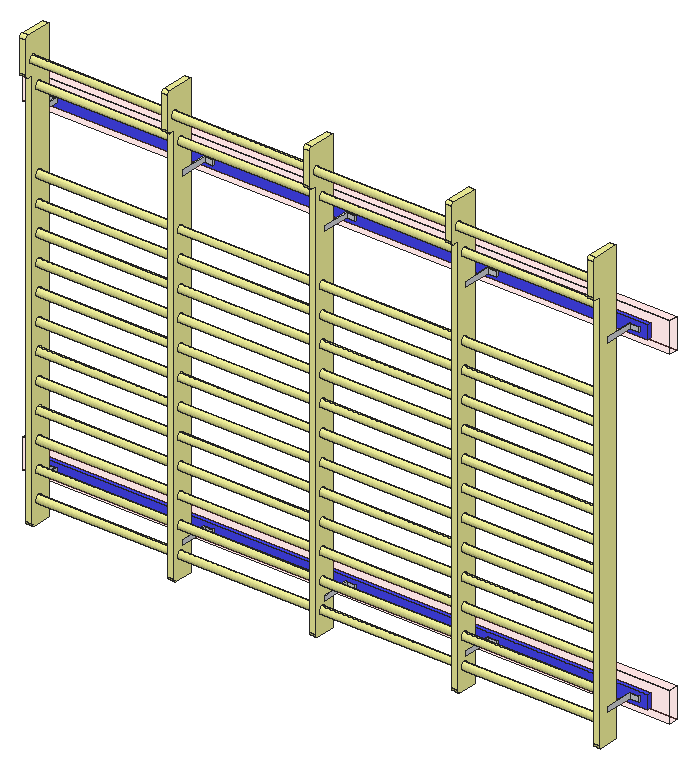
Revit family "Ribbstol Ling sammansatt", category Generic Models, Revit 2019
Family settings
  Can host rebar = No
  Round Connector Dimension = Use Diameter
  Part Type = Normal
  Work Plane-Based = No
  Always vertical = Yes
  Cut with Voids When Loaded = No
  Shared = No
  Room Calculation Point = No
Parameters (values of type "Saxi Ribbstol Ling 4-fack")
  langd_list = 93 mm + 782 mm * ANTAL_FACK  # 3221 mm
  langd_barande = 193 mm + 782 mm * ANTAL_FACK + 100 mm  # 3421 mm
  URL = "www.saxi.se"
  SYNLIG = yes
  Model = "Ribbstol Ling 5-fack"
  Manufacturer = "Saxi Vägg AB"
  ANTAL_FACK = 4
  1facksynlung = no
Types (11, lengths in mm): name | langd_list | langd_barande | SYNLIG | Model | ANTAL_FACK | 1facksynlung
  (no name) | 3221 | 3421 | yes | "Ribbstol Ling 5-fack" | 4 | no
  Saxi Ribbstol Ling 1-fack | 1657 | 1857 | no | "Ribbstol Ling 1-fack" | 2 | yes
  Saxi Ribbstol Ling 2-fack | 1657 | 1857 | yes | "Ribbstol Ling 2-fack" | 2 | no
  Saxi Ribbstol Ling 3-fack | 2439 | 2639 | yes | "Ribbstol Ling 3-fack" | 3 | no
  Saxi Ribbstol Ling 4-fack | 3221 | 3421 | yes | "Ribbstol Ling 5-fack" | 4 | no
  Saxi Ribbstol Ling 5-fack | 4003 | 4203 | yes | "Ribbstol Ling 5-fack" | 5 | no
  Saxi Ribbstol Ling 6-fack | 4785 | 4985 | yes | "Ribbstol Ling 6-fack" | 6 | no
  Saxi Ribbstol Ling 7-fack | 5567 | 5767 | yes | "Ribbstol Ling 7-fack" | 7 | no
  Saxi Ribbstol Ling 8-fack | 6349 | 6549 | yes | "Ribbstol Ling 8-fack" | 8 | no
  Saxi Ribbstol Ling 9-fack | 7131 | 7331 | yes | "Ribbstol Ling 9-fack" | 9 | no
  Saxi Ribbstol Ling 10-fack | 7913 | 8113 | yes | "Ribbstol Ling 10-fack" | 10 | no
Reference planes
  plane 1 "Center (Front/Back)": y = 0
  plane 2: z = 0
  plane 3 "Center (Left/Right)": x = 0
Dimensions and locks
  nested 1 to level = 180 mm
  equal spacing: group 1, group 2, group 3, group 4, group 5, group 6, group 7, group 8, group 9, group 10, group 11, group 12  (x3)
  nested 17 to plane 1 "Center (Front/Back)" = 170 mm
  nested 17 to level = 237.5 mm
  nested 18 to level = 1987.5 mm
  equal spacing: group 18, group 19, group 20, group 21, group 22, group 23, group 24, group 25, group 26, group 27, group 28, group 29  (x3)
  equal spacing: group 16, group 32, group 65, group 80  (x3)
  nested 37 to plane 3 "Center (Left/Right)" = 93 mm
  nested 39 to nested 38 = 100 mm
  nested 39 to level = 170 mm
  nested 40 to plane 2 = 1920 mm
  equal spacing: group 33, group 34, group 35, group 36, group 37, group 38, group 39, group 40, group 41, group 42, group 43, group 44  (x3)
  equal spacing: group 51, group 52, group 53, group 54, group 55, group 56, group 57, group 58, group 59, group 60, group 61, group 62  (x3)
  equal spacing: group 66, group 67, group 68, group 69, group 70, group 71, group 72, group 73, group 74, group 75, group 76, group 77  (x3)
  aligned and locked: level to plane 2
Nested families
  nested 1: "ribbstol_pinne" at (32, -185, 200) x (0, 1, 0) z (0, 0, 1), visible <- "SYNLIG", type "ribbstol_pinne"
  nested 2: "ribbstol_pinne" at (32, -185, 340) x (0, 1, 0) z (0, 0, 1), visible <- "SYNLIG", type "ribbstol_pinne"
  nested 3: "ribbstol_pinne" at (32, -185, 480) x (0, 1, 0) z (0, 0, 1), visible <- "SYNLIG", type "ribbstol_pinne"
  nested 4: "ribbstol_pinne" at (32, -185, 620) x (0, 1, 0) z (0, 0, 1), visible <- "SYNLIG", type "ribbstol_pinne"
  nested 5: "ribbstol_pinne" at (32, -185, 760) x (0, 1, 0) z (0, 0, 1), visible <- "SYNLIG", type "ribbstol_pinne"
  nested 6: "ribbstol_pinne" at (32, -185, 900) x (0, 1, 0) z (0, 0, 1), visible <- "SYNLIG", type "ribbstol_pinne"
  nested 7: "ribbstol_pinne" at (32, -185, 1040) x (0, 1, 0) z (0, 0, 1), visible <- "SYNLIG", type "ribbstol_pinne"
  nested 8: "ribbstol_pinne" at (32, -185, 1180) x (0, 1, 0) z (0, 0, 1), visible <- "SYNLIG", type "ribbstol_pinne"
  nested 9: "ribbstol_pinne" at (32, -185, 1320) x (0, 1, 0) z (0, 0, 1), visible <- "SYNLIG", type "ribbstol_pinne"
  nested 10: "ribbstol_pinne" at (32, -185, 1460) x (0, 1, 0) z (0, 0, 1), visible <- "SYNLIG", type "ribbstol_pinne"
  nested 11: "ribbstol_pinne" at (32, -185, 1600) x (0, 1, 0) z (0, 0, 1), visible <- "SYNLIG", type "ribbstol_pinne"
  nested 12: "ribbstol_pinne" at (32, -185, 1740) x (0, 1, 0) z (0, 0, 1), visible <- "SYNLIG", type "ribbstol_pinne"
  nested 13: "ribbstol_pinne" at (32, -225, 2300) x (0, 1, 0) z (0, 0, 1), visible <- "SYNLIG", type "ribbstol_pinne"
  nested 14: "ribbstol_pinne" at (32, -75, 200) x (0, 1, 0) z (0, 0, 1), visible <- "SYNLIG", type "ribbstol_pinne", not visible
  nested 15: "ribbstol_pinne" at (32, -185, 2160) x (0, 1, 0) z (0, 0, 1), visible <- "SYNLIG", type "ribbstol_pinne"
  nested 16: "ribbstol_vinkel" at (782, -20, 237.5), visible <- "SYNLIG", type "ribbstol_vinkel"
  nested 17: "ribbstol_vinkel" at (0, -20, 237.5) x (-1, 0, 0) z (0, 0, 1), type "ribbstol_vinkel"
  nested 18: "ribbstol_vinkel" at (0, -20, 1987.5) x (-1, 0, 0) z (0, 0, 1), type "ribbstol_vinkel"
  nested 19: "ribbstol_vinkel" at (782, -20, 1987.5), visible <- "SYNLIG", type "ribbstol_vinkel"
  nested 20: "ribbstol_large_stolpe" at (0, -110, 0), visible <- "SYNLIG", type "ribbstol_large_stolpe", not visible
  nested 21: "ribbstol_pinne" at (782, -185, 200) x (0, 1, 0) z (0, 0, 1), visible <- "SYNLIG", type "ribbstol_pinne"
  nested 22: "ribbstol_pinne" at (782, -185, 340) x (0, 1, 0) z (0, 0, 1), visible <- "SYNLIG", type "ribbstol_pinne"
  nested 23: "ribbstol_pinne" at (782, -185, 480) x (0, 1, 0) z (0, 0, 1), visible <- "SYNLIG", type "ribbstol_pinne"
  nested 24: "ribbstol_pinne" at (782, -185, 620) x (0, 1, 0) z (0, 0, 1), visible <- "SYNLIG", type "ribbstol_pinne"
  nested 25: "ribbstol_pinne" at (782, -185, 760) x (0, 1, 0) z (0, 0, 1), visible <- "SYNLIG", type "ribbstol_pinne"
  nested 26: "ribbstol_pinne" at (782, -185, 900) x (0, 1, 0) z (0, 0, 1), visible <- "SYNLIG", type "ribbstol_pinne"
  nested 27: "ribbstol_pinne" at (782, -185, 1040) x (0, 1, 0) z (0, 0, 1), visible <- "SYNLIG", type "ribbstol_pinne"
  nested 28: "ribbstol_pinne" at (782, -185, 1180) x (0, 1, 0) z (0, 0, 1), visible <- "SYNLIG", type "ribbstol_pinne"
  nested 29: "ribbstol_pinne" at (782, -185, 1320) x (0, 1, 0) z (0, 0, 1), visible <- "SYNLIG", type "ribbstol_pinne"
  nested 30: "ribbstol_pinne" at (782, -185, 1460) x (0, 1, 0) z (0, 0, 1), visible <- "SYNLIG", type "ribbstol_pinne"
  nested 31: "ribbstol_pinne" at (782, -185, 1600) x (0, 1, 0) z (0, 0, 1), visible <- "SYNLIG", type "ribbstol_pinne"
  nested 32: "ribbstol_pinne" at (782, -185, 1740) x (0, 1, 0) z (0, 0, 1), visible <- "SYNLIG", type "ribbstol_pinne"
  nested 33: "ribbstol_pinne" at (782, -225, 2300) x (0, 1, 0) z (0, 0, 1), visible <- "SYNLIG", type "ribbstol_pinne"
  nested 34: "ribbstol_pinne" at (782, -185, 2160) x (0, 1, 0) z (0, 0, 1), visible <- "SYNLIG", type "ribbstol_pinne"
  nested 35: "ribbstol_vinkel" at (1532, -20, 237.5), visible <- "SYNLIG", type "ribbstol_vinkel"
  nested 36: "ribbstol_vinkel" at (1532, -20, 1987.5), visible <- "SYNLIG", type "ribbstol_vinkel"
  nested 37: "ribbstol_list" at (-93, 0, 215), visible <- "SYNLIG", type "ribbstol_list"
    with langd 3221 mm
  nested 38: "ribbstol_list" at (-93, 0, 1966.25), visible <- "SYNLIG", type "ribbstol_list"
    with langd 3221 mm
  nested 39: "ribbstol_barande" at (-193, 50, 170), visible <- "SYNLIG", type "ribbstol_barande"
    with langd 3421 mm
  nested 40: "ribbstol_barande" at (-193, 50, 1920), visible <- "SYNLIG", type "ribbstol_barande"
    with langd 3421 mm
  nested 41: "ribbstol_pinne" at (32, -185, 200) x (0, 1, 0) z (0, 0, 1), visible <- "1facksynlung", type "ribbstol_pinne"
  nested 42: "ribbstol_pinne" at (32, -185, 340) x (0, 1, 0) z (0, 0, 1), visible <- "1facksynlung", type "ribbstol_pinne"
  nested 43: "ribbstol_pinne" at (32, -185, 480) x (0, 1, 0) z (0, 0, 1), visible <- "1facksynlung", type "ribbstol_pinne"
  nested 44: "ribbstol_pinne" at (32, -185, 620) x (0, 1, 0) z (0, 0, 1), visible <- "1facksynlung", type "ribbstol_pinne"
  nested 45: "ribbstol_pinne" at (32, -185, 760) x (0, 1, 0) z (0, 0, 1), visible <- "1facksynlung", type "ribbstol_pinne"
  nested 46: "ribbstol_pinne" at (32, -185, 900) x (0, 1, 0) z (0, 0, 1), visible <- "1facksynlung", type "ribbstol_pinne"
  nested 47: "ribbstol_pinne" at (32, -185, 1040) x (0, 1, 0) z (0, 0, 1), visible <- "1facksynlung", type "ribbstol_pinne"
  nested 48: "ribbstol_pinne" at (32, -185, 1180) x (0, 1, 0) z (0, 0, 1), visible <- "1facksynlung", type "ribbstol_pinne"
  nested 49: "ribbstol_pinne" at (32, -185, 1320) x (0, 1, 0) z (0, 0, 1), visible <- "1facksynlung", type "ribbstol_pinne"
  nested 50: "ribbstol_pinne" at (32, -185, 1460) x (0, 1, 0) z (0, 0, 1), visible <- "1facksynlung", type "ribbstol_pinne"
  nested 51: "ribbstol_pinne" at (32, -185, 1600) x (0, 1, 0) z (0, 0, 1), visible <- "1facksynlung", type "ribbstol_pinne"
  nested 52: "ribbstol_pinne" at (32, -185, 1740) x (0, 1, 0) z (0, 0, 1), visible <- "1facksynlung", type "ribbstol_pinne"
  nested 53: "ribbstol_pinne" at (32, -225, 2300) x (0, 1, 0) z (0, 0, 1), visible <- "1facksynlung", type "ribbstol_pinne"
  nested 54: "ribbstol_pinne" at (32, -185, 2160) x (0, 1, 0) z (0, 0, 1), visible <- "1facksynlung", type "ribbstol_pinne"
  nested 55: "ribbstol_vinkel" at (782, -20, 237.5), visible <- "1facksynlung", type "ribbstol_vinkel"
  nested 56: "ribbstol_vinkel" at (782, -20, 1987.5), visible <- "1facksynlung", type "ribbstol_vinkel"
  nested 57: "ribbstol_pinne" at (32, -185, 200) x (0, 1, 0) z (0, 0, 1), visible <- "SYNLIG", type "ribbstol_pinne", not visible
  nested 58: "ribbstol_pinne" at (32, -185, 340) x (0, 1, 0) z (0, 0, 1), visible <- "SYNLIG", type "ribbstol_pinne", not visible
  nested 59: "ribbstol_pinne" at (32, -185, 480) x (0, 1, 0) z (0, 0, 1), visible <- "SYNLIG", type "ribbstol_pinne", not visible
  nested 60: "ribbstol_pinne" at (32, -185, 620) x (0, 1, 0) z (0, 0, 1), visible <- "SYNLIG", type "ribbstol_pinne", not visible
  nested 61: "ribbstol_pinne" at (32, -185, 760) x (0, 1, 0) z (0, 0, 1), visible <- "SYNLIG", type "ribbstol_pinne", not visible
  nested 62: "ribbstol_pinne" at (32, -185, 900) x (0, 1, 0) z (0, 0, 1), visible <- "SYNLIG", type "ribbstol_pinne", not visible
  nested 63: "ribbstol_pinne" at (32, -185, 1040) x (0, 1, 0) z (0, 0, 1), visible <- "SYNLIG", type "ribbstol_pinne", not visible
  nested 64: "ribbstol_pinne" at (32, -185, 1180) x (0, 1, 0) z (0, 0, 1), visible <- "SYNLIG", type "ribbstol_pinne", not visible
  nested 65: "ribbstol_pinne" at (32, -185, 1320) x (0, 1, 0) z (0, 0, 1), visible <- "SYNLIG", type "ribbstol_pinne", not visible
  nested 66: "ribbstol_pinne" at (32, -185, 1460) x (0, 1, 0) z (0, 0, 1), visible <- "SYNLIG", type "ribbstol_pinne", not visible
  nested 67: "ribbstol_pinne" at (32, -185, 1600) x (0, 1, 0) z (0, 0, 1), visible <- "SYNLIG", type "ribbstol_pinne", not visible
  nested 68: "ribbstol_pinne" at (32, -185, 1740) x (0, 1, 0) z (0, 0, 1), visible <- "SYNLIG", type "ribbstol_pinne", not visible
  nested 69: "ribbstol_pinne" at (32, -225, 2300) x (0, 1, 0) z (0, 0, 1), visible <- "SYNLIG", type "ribbstol_pinne", not visible
  nested 70: "ribbstol_pinne" at (32, -185, 2160) x (0, 1, 0) z (0, 0, 1), visible <- "SYNLIG", type "ribbstol_pinne", not visible
  nested 71: "ribbstol_vinkel" at (782, -20, 237.5), visible <- "SYNLIG", type "ribbstol_vinkel", not visible
  nested 72: "ribbstol_vinkel" at (782, -20, 1987.5), visible <- "SYNLIG", type "ribbstol_vinkel", not visible
  nested 73: "ribbstol_list" at (-93, 0, 1966.25), visible <- "1facksynlung", type "ribbstol_list 1"
    with langd 950 mm
  nested 74: "ribbstol_list" at (-93, 0, 215), visible <- "1facksynlung", type "ribbstol_list 1"
    with langd 950 mm
  nested 75: "ribbstol_barande" at (-193, 50, 1920), visible <- "1facksynlung", type "ribbstol_barande 1"
    with langd 1150 mm
  nested 76: "ribbstol_barande" at (-193, 50, 170), visible <- "1facksynlung", type "ribbstol_barande 1"
    with langd 1150 mm
  nested 77: "ribbstol_large_stolpe" at (0, 1110, 0), visible <- "1facksynlung", type "ribbstol_large_stolpe", not visible
  nested 78: "ribbstol_large_stolpe" at (750, 1110, 0), visible <- "1facksynlung", type "ribbstol_large_stolpe", not visible
  nested 79: "ribbstol_pinne" at (32, 1035, 200) x (0, 1, 0) z (0, 0, 1), visible <- "1facksynlung", type "ribbstol_pinne", not visible
  nested 80: "ribbstol_pinne" at (32, 1035, 340) x (0, 1, 0) z (0, 0, 1), visible <- "1facksynlung", type "ribbstol_pinne", not visible
  nested 81: "ribbstol_pinne" at (32, 1035, 480) x (0, 1, 0) z (0, 0, 1), visible <- "1facksynlung", type "ribbstol_pinne", not visible
  nested 82: "ribbstol_pinne" at (32, 1035, 620) x (0, 1, 0) z (0, 0, 1), visible <- "1facksynlung", type "ribbstol_pinne", not visible
  nested 83: "ribbstol_pinne" at (32, 1035, 760) x (0, 1, 0) z (0, 0, 1), visible <- "1facksynlung", type "ribbstol_pinne", not visible
  nested 84: "ribbstol_pinne" at (32, 1035, 900) x (0, 1, 0) z (0, 0, 1), visible <- "1facksynlung", type "ribbstol_pinne", not visible
  nested 85: "ribbstol_pinne" at (32, 1035, 1040) x (0, 1, 0) z (0, 0, 1), visible <- "1facksynlung", type "ribbstol_pinne", not visible
  nested 86: "ribbstol_pinne" at (32, 1035, 1180) x (0, 1, 0) z (0, 0, 1), visible <- "1facksynlung", type "ribbstol_pinne", not visible
  nested 87: "ribbstol_pinne" at (32, 1035, 1320) x (0, 1, 0) z (0, 0, 1), visible <- "1facksynlung", type "ribbstol_pinne", not visible
  nested 88: "ribbstol_pinne" at (32, 1035, 1460) x (0, 1, 0) z (0, 0, 1), visible <- "1facksynlung", type "ribbstol_pinne", not visible
  nested 89: "ribbstol_pinne" at (32, 1035, 1600) x (0, 1, 0) z (0, 0, 1), visible <- "1facksynlung", type "ribbstol_pinne", not visible
  nested 90: "ribbstol_pinne" at (32, 1035, 1740) x (0, 1, 0) z (0, 0, 1), visible <- "1facksynlung", type "ribbstol_pinne", not visible
  nested 91: "ribbstol_pinne" at (32, 1035, 1880) x (0, 1, 0) z (0, 0, 1), visible <- "1facksynlung", type "ribbstol_pinne", not visible
  nested 92: "ribbstol_pinne" at (32, 1035, 2020) x (0, 1, 0) z (0, 0, 1), visible <- "1facksynlung", type "ribbstol_pinne", not visible
  nested 93: "ribbstol_pinne" at (32, 1035, 2580) x (0, 1, 0) z (0, 0, 1), visible <- "1facksynlung", type "ribbstol_pinne", not visible
  nested 94: "ribbstol_pinne" at (32, 1035, 2440) x (0, 1, 0) z (0, 0, 1), visible <- "1facksynlung", type "ribbstol_pinne", not visible
  nested 95: "ribbstol_vinkel" at (782, 1200, 237.5), visible <- "1facksynlung", type "ribbstol_vinkel", not visible
  nested 96: "ribbstol_vinkel" at (782, 1200, 2267.5), visible <- "1facksynlung", type "ribbstol_vinkel", not visible
  nested 97: "ribbstol_list" at (-93, 1220, 0), type "ribbstol_list 1", not visible
    with langd 950 mm
  nested 98: "ribbstol_barande" at (-193, 1270, 0), type "ribbstol_barande 1", not visible
    with langd 1150 mm
  nested 99: "ribbstol_pinne" at (32, 935, 200) x (0, 1, 0) z (0, 0, 1), visible <- "1facksynlung", type "ribbstol_pinne", not visible
  nested 100: "ribbstol_pinne" at (32, 935, 340) x (0, 1, 0) z (0, 0, 1), visible <- "1facksynlung", type "ribbstol_pinne", not visible
  nested 101: "ribbstol_pinne" at (32, 935, 480) x (0, 1, 0) z (0, 0, 1), visible <- "1facksynlung", type "ribbstol_pinne", not visible
  nested 102: "ribbstol_pinne" at (32, 935, 620) x (0, 1, 0) z (0, 0, 1), visible <- "1facksynlung", type "ribbstol_pinne", not visible
  nested 103: "ribbstol_pinne" at (32, 935, 760) x (0, 1, 0) z (0, 0, 1), visible <- "1facksynlung", type "ribbstol_pinne", not visible
  nested 104: "ribbstol_pinne" at (32, 935, 900) x (0, 1, 0) z (0, 0, 1), visible <- "1facksynlung", type "ribbstol_pinne", not visible
  nested 105: "ribbstol_pinne" at (32, 935, 1040) x (0, 1, 0) z (0, 0, 1), visible <- "1facksynlung", type "ribbstol_pinne", not visible
  nested 106: "ribbstol_pinne" at (32, 935, 1180) x (0, 1, 0) z (0, 0, 1), visible <- "1facksynlung", type "ribbstol_pinne", not visible
  nested 107: "ribbstol_pinne" at (32, 935, 1320) x (0, 1, 0) z (0, 0, 1), visible <- "1facksynlung", type "ribbstol_pinne", not visible
  nested 108: "ribbstol_pinne" at (32, 935, 1460) x (0, 1, 0) z (0, 0, 1), visible <- "1facksynlung", type "ribbstol_pinne", not visible
  nested 109: "ribbstol_pinne" at (32, 935, 1600) x (0, 1, 0) z (0, 0, 1), visible <- "1facksynlung", type "ribbstol_pinne", not visible
  nested 110: "ribbstol_pinne" at (32, 935, 1740) x (0, 1, 0) z (0, 0, 1), visible <- "1facksynlung", type "ribbstol_pinne", not visible
  nested 111: "ribbstol_pinne" at (32, 895, 2300) x (0, 1, 0) z (0, 0, 1), visible <- "1facksynlung", type "ribbstol_pinne", not visible
  nested 112: "ribbstol_pinne" at (32, 935, 2160) x (0, 1, 0) z (0, 0, 1), visible <- "1facksynlung", type "ribbstol_pinne", not visible
  nested 113: "ribbstol_vinkel" at (782, 1100, 237.5), visible <- "1facksynlung", type "ribbstol_vinkel", not visible
  nested 114: "ribbstol_vinkel" at (782, 1100, 1987.5), visible <- "1facksynlung", type "ribbstol_vinkel", not visible
  nested 115: "ribbstol_list" at (-93, 1120, 1966.25), visible <- "1facksynlung", type "ribbstol_list 1", not visible
    with langd 950 mm
  nested 116: "ribbstol_list" at (-93, 1120, 215), visible <- "1facksynlung", type "ribbstol_list 1", not visible
    with langd 950 mm
  nested 117: "ribbstol_barande" at (-193, 1170, 1920), visible <- "1facksynlung", type "ribbstol_barande 1", not visible
    with langd 1150 mm
  nested 118: "ribbstol_barande" at (-193, 1170, 170), visible <- "1facksynlung", type "ribbstol_barande 1", not visible
    with langd 1150 mm
  nested 119: "ribbstol_pinne" at (1532, -185, 200) x (0, 1, 0) z (0, 0, 1), visible <- "SYNLIG", type "ribbstol_pinne"
  nested 120: "ribbstol_pinne" at (1532, -185, 340) x (0, 1, 0) z (0, 0, 1), visible <- "SYNLIG", type "ribbstol_pinne"
  nested 121: "ribbstol_pinne" at (1532, -185, 480) x (0, 1, 0) z (0, 0, 1), visible <- "SYNLIG", type "ribbstol_pinne"
  nested 122: "ribbstol_pinne" at (1532, -185, 620) x (0, 1, 0) z (0, 0, 1), visible <- "SYNLIG", type "ribbstol_pinne"
  nested 123: "ribbstol_pinne" at (1532, -185, 760) x (0, 1, 0) z (0, 0, 1), visible <- "SYNLIG", type "ribbstol_pinne"
  nested 124: "ribbstol_pinne" at (1532, -185, 900) x (0, 1, 0) z (0, 0, 1), visible <- "SYNLIG", type "ribbstol_pinne"
  nested 125: "ribbstol_pinne" at (1532, -185, 1040) x (0, 1, 0) z (0, 0, 1), visible <- "SYNLIG", type "ribbstol_pinne"
  nested 126: "ribbstol_pinne" at (1532, -185, 1180) x (0, 1, 0) z (0, 0, 1), visible <- "SYNLIG", type "ribbstol_pinne"
  nested 127: "ribbstol_pinne" at (1532, -185, 1320) x (0, 1, 0) z (0, 0, 1), visible <- "SYNLIG", type "ribbstol_pinne"
  nested 128: "ribbstol_pinne" at (1532, -185, 1460) x (0, 1, 0) z (0, 0, 1), visible <- "SYNLIG", type "ribbstol_pinne"
  nested 129: "ribbstol_pinne" at (1532, -185, 1600) x (0, 1, 0) z (0, 0, 1), visible <- "SYNLIG", type "ribbstol_pinne"
  nested 130: "ribbstol_pinne" at (1532, -185, 1740) x (0, 1, 0) z (0, 0, 1), visible <- "SYNLIG", type "ribbstol_pinne"
  nested 131: "ribbstol_pinne" at (1532, -225, 2300) x (0, 1, 0) z (0, 0, 1), visible <- "SYNLIG", type "ribbstol_pinne"
  nested 132: "ribbstol_pinne" at (1532, -185, 2160) x (0, 1, 0) z (0, 0, 1), visible <- "SYNLIG", type "ribbstol_pinne"
  nested 133: "ribbstol_vinkel" at (2282, -20, 237.5), visible <- "SYNLIG", type "ribbstol_vinkel"
  nested 134: "ribbstol_vinkel" at (2282, -20, 1987.5), visible <- "SYNLIG", type "ribbstol_vinkel"
  nested 135: "ribbstol_pinne" at (2282, -185, 200) x (0, 1, 0) z (0, 0, 1), visible <- "SYNLIG", type "ribbstol_pinne"
  nested 136: "ribbstol_pinne" at (2282, -185, 340) x (0, 1, 0) z (0, 0, 1), visible <- "SYNLIG", type "ribbstol_pinne"
  nested 137: "ribbstol_pinne" at (2282, -185, 480) x (0, 1, 0) z (0, 0, 1), visible <- "SYNLIG", type "ribbstol_pinne"
  nested 138: "ribbstol_pinne" at (2282, -185, 620) x (0, 1, 0) z (0, 0, 1), visible <- "SYNLIG", type "ribbstol_pinne"
  nested 139: "ribbstol_pinne" at (2282, -185, 760) x (0, 1, 0) z (0, 0, 1), visible <- "SYNLIG", type "ribbstol_pinne"
  nested 140: "ribbstol_pinne" at (2282, -185, 900) x (0, 1, 0) z (0, 0, 1), visible <- "SYNLIG", type "ribbstol_pinne"
  nested 141: "ribbstol_pinne" at (2282, -185, 1040) x (0, 1, 0) z (0, 0, 1), visible <- "SYNLIG", type "ribbstol_pinne"
  nested 142: "ribbstol_pinne" at (2282, -185, 1180) x (0, 1, 0) z (0, 0, 1), visible <- "SYNLIG", type "ribbstol_pinne"
  nested 143: "ribbstol_pinne" at (2282, -185, 1320) x (0, 1, 0) z (0, 0, 1), visible <- "SYNLIG", type "ribbstol_pinne"
  nested 144: "ribbstol_pinne" at (2282, -185, 1460) x (0, 1, 0) z (0, 0, 1), visible <- "SYNLIG", type "ribbstol_pinne"
  nested 145: "ribbstol_pinne" at (2282, -185, 1600) x (0, 1, 0) z (0, 0, 1), visible <- "SYNLIG", type "ribbstol_pinne"
  nested 146: "ribbstol_pinne" at (2282, -185, 1740) x (0, 1, 0) z (0, 0, 1), visible <- "SYNLIG", type "ribbstol_pinne"
  nested 147: "ribbstol_pinne" at (2282, -225, 2300) x (0, 1, 0) z (0, 0, 1), visible <- "SYNLIG", type "ribbstol_pinne"
  nested 148: "ribbstol_pinne" at (2282, -185, 2160) x (0, 1, 0) z (0, 0, 1), visible <- "SYNLIG", type "ribbstol_pinne"
  nested 149: "ribbstol_vinkel" at (3032, -20, 237.5), visible <- "SYNLIG", type "ribbstol_vinkel"
  nested 150: "ribbstol_vinkel" at (3032, -20, 1987.5), visible <- "SYNLIG", type "ribbstol_vinkel"
  nested 151: "ribbstol_LING_riktig_stolpe " at (0, -110, 0), visible <- "SYNLIG", type "ribbstol_LING_riktig_stolpe "
  nested 152: "ribbstol_LING_riktig_stolpe " at (750, -110, 0), visible <- "SYNLIG", type "ribbstol_LING_riktig_stolpe "
  nested 153: "ribbstol_LING_riktig_stolpe " at (1500, -110, 0), visible <- "SYNLIG", type "ribbstol_LING_riktig_stolpe "
  nested 154: "ribbstol_LING_riktig_stolpe " at (750, -110, 0), visible <- "SYNLIG", type "ribbstol_LING_riktig_stolpe ", not visible
  nested 155: "ribbstol_LING_riktig_stolpe " at (2250, -110, 0), visible <- "SYNLIG", type "ribbstol_LING_riktig_stolpe "
  nested 156: "ribbstol_LING_riktig_stolpe " at (3000, -110, 0), visible <- "SYNLIG", type "ribbstol_LING_riktig_stolpe "
  nested 157: "ribbstol_LING_riktig_stolpe " at (0, -110, 0), visible <- "1facksynlung", type "ribbstol_LING_riktig_stolpe "
  nested 158: "ribbstol_LING_riktig_stolpe " at (750, -110, 0), visible <- "1facksynlung", type "ribbstol_LING_riktig_stolpe "
  nested 159: "ribbstol_LING_riktig_stolpe " at (0, 1010, 0), visible <- "1facksynlung", type "ribbstol_LING_riktig_stolpe ", not visible
  nested 160: "ribbstol_LING_riktig_stolpe " at (750, 1010, 0), visible <- "1facksynlung", type "ribbstol_LING_riktig_stolpe ", not visible
Definition of nested family "ribbstol_pinne"
  Reference planes
    plane 1 "Center (Front/Back)": y = 0
    plane 2: z = 0
    plane 3 "Center (Left/Right)": x = 0
  Forms (mm)
    Extrusion 1, solid
      sketch origin (0, 0, 0) x (1, 0, 0) y (0, 0, 1)
        loop
          spline (0, 20) -> (-3.882, 19.319) -> (-7.5, 17.321) -> (-10.607, 14.142) -> (-12.99, 10) -> (-14.489, 5.176) -> (-15, 0) -> (-14.489, -5.176) -> (-12.99, -10) -> (-10.607, -14.142) -> (-7.5, -17.321) -> (-3.882, -19.319) -> (0, -20)
          spline (0, -20) -> (3.882, -19.319) -> (7.5, -17.321) -> (10.607, -14.142) -> (12.99, -10) -> (14.489, -5.176) -> (15, 0) -> (14.489, 5.176) -> (12.99, 10) -> (10.607, 14.142) -> (7.5, 17.321) -> (3.882, 19.319) -> (0, 20)
      from 0 to 718
  Dimensions and locks
    aligned and locked: level to plane 2
Definition of nested family "ribbstol_vinkel"
  Reference planes
    plane 1 "Center (Front/Back)": y = 0
    plane 2: z = 0
    plane 3 "Center (Left/Right)": x = 0
  Forms (mm)
    Extrusion 1, solid
      sketch origin (0, 0, 0) x (1, 0, 0) y (0, 1, 0)
        loop
          line (0, 0) -> (0, -150) -> (5, -150) -> (5, -5) -> (50, -5) -> (50, 0) -> (0, 0)
      from 0 to 25
  Dimensions and locks
    aligned and locked: level to plane 2
Definition of nested family "ribbstol_large_stolpe"
  Reference planes
    plane 1 "Center (Front/Back)": y = 0
    plane 2: z = 0
    plane 3 "Center (Left/Right)": x = 0
  Forms (mm)
    Extrusion 1, solid
      sketch origin (0, 0, 0) x (0, 1, 0) y (0, 0, 1)
        loop
          line (0, 80) -> (0, 2700) -> (-95, 2700)
          arc (-95, 2700) -> (-105.607, 2695.607) -> (-110, 2685) r 15
          line (-110, 2685) -> (-110, 95)
          arc (-110, 95) -> (-105.607, 84.393) -> (-95, 80) r 15
          line (-95, 80) -> (0, 80)
      from 0 to 32
  Dimensions and locks
    level to Extrusion 1 sketch curve = 80 mm
    locked: Extrusion 1 sketch curve to Extrusion 1 sketch curve at 2620
    aligned and locked: level to plane 2
Definition of nested family "ribbstol_list"
  Parameters (values of type "ribbstol_list")
    langd = 150 mm
  Reference planes
    plane 1 "Center (Front/Back)": y = 0
    plane 2: z = 0
    plane 3 "Center (Left/Right)": x = 0
  Forms (mm)
    Extrusion 1, solid
      sketch origin (0, 0, 0) x (0, 1, 0) y (0, 0, 1)
        loop
          line (0, 0) -> (0, 70) -> (-20, 70) -> (-20, 0) -> (0, 0)
      from 0 to 150 <- "langd"
  Dimensions and locks
    aligned and locked: level to plane 2
Definition of nested family "ribbstol_barande"
  Parameters (values of type "ribbstol_barande")
    langd = 150 mm
  Reference planes
    plane 1 "Center (Front/Back)": y = 0
    plane 2: z = 0
    plane 3 "Center (Left/Right)": x = 0
  Forms (mm)
    Extrusion 1, solid
      sketch origin (0, 0, 0) x (0, 1, 0) y (0, 0, 1)
        loop
          line (0, 0) -> (0, 160) -> (-50, 160) -> (-50, 0) -> (0, 0)
      from 0 to 150 <- "langd"
  Dimensions and locks
    aligned and locked: level to plane 2
Definition of nested family "ribbstol_LING_riktig_stolpe "
  Reference planes
    plane 1 "Center (Front/Back)": y = 0
    plane 2: z = 0
    plane 3 "Center (Left/Right)": x = 0
  Forms (mm)
    Extrusion 1, solid
      sketch origin (0, 0, 0) x (0, 1, 0) y (0, 0, 1)
        loop
          line (0, 80) -> (0, 2420) -> (-135, 2420)
          arc (-135, 2420) -> (-145.607, 2415.607) -> (-150, 2405) r 15
          line (-150, 2405) -> (-150, 2235)
          arc (-150, 2235) -> (-145.607, 2224.393) -> (-135, 2220) r 15
          line (-135, 2220) -> (-110, 2220) -> (-110, 95)
          arc (-110, 95) -> (-105.607, 84.393) -> (-95, 80) r 15
          line (-95, 80) -> (0, 80)
      from 0 to 32
  Dimensions and locks
    level to Extrusion 1 sketch curve = 80 mm
    Extrusion 1 sketch curve to Extrusion 1 sketch curve = 2340 mm
    aligned and locked: level to plane 2
